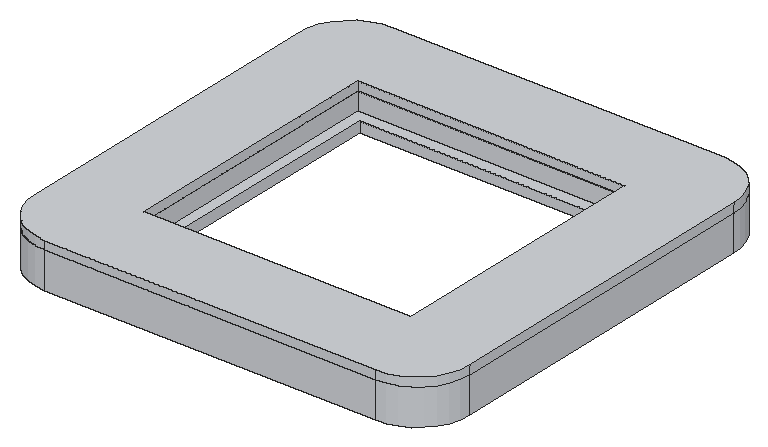
Revit family "Gira_0211410", category Electrical Fixtures, host Face, Revit 2017
Family settings
  Host = Face
  Maintain Annotation Orientation = No
  Round Connector Dimension = Use Diameter
  Part Type = Normal
  Cut with Voids When Loaded = No
  Shared = No
  Room Calculation Point = No
Parameters (values of type "Abdeckrahmen 1f Gira E3 Reinweiß/Reinweiß")
  Werkstoffgüte = "sonstige"
  Werkstoff = "sonstige"
  URL = "http://katalog.gira.de/de_DE/datenblatt.html?artikelnr=0211410"
  Transparent = "No"
  Textfeld/Beschriftungsfläche = "No"
  Schutzart (IP) = "IP20"
  Region = "DE"
  RAL-Nummer (ähnlich) = "9010 "
  Oberfläche = "sonstige"
  Name = "Abdeckrahmen 1f Gira E3 Reinweiß/Reinweiß"
  Montagerichtung = "horizontal und vertikal"
  Mit Montagerahmen = "No"
  Mit Klappdeckel = "No"
  Manufacturer URL = "https://www.gira.de/"
  Keynote = "E3_Rahmen_1fach"
  HeinzeBIM = "https://bimportal.heinze.de/bim/abdeckrahmen-1f-gira-e3-reinweiss-reinweiss/e4158de824f81871bbc9d30e0a2e9c24c80d6536"
  Halogenfrei = "Yes"
  HAN = "0211410"
  Geeignet für Unterputz-Installation = "Yes"
  Geeignet für Unterflurkanaldose = "No"
  Geeignet für Geräteeinbaukanal = "No"
  Geeignet für Einbauinstallation = "No"
  GTIN = "4010337023715"
  Farbe = "weiß"
  Default Elevation = 1219.2 mm
  Data sheet (1) = "https://katalog.gira.de/de_DE/download.html?artikelnr=0211410"
  Category = "Abdeckrahmen"
  Befestigungsart = "Klemmbefestigung"
  Available = "Yes"
  Ausführung der Oberfläche = "glänzend"
  Anzahl der Einheiten vertikal = "1 "
  Anzahl der Einheiten horizontal = "1 "
  Anzahl der Einheiten = "1 "
Reference planes
  plane 1 "Center (Front/Back)": y = 0
  plane 2: z = 0
  plane 3 "Center (Left/Right)": x = 0
Forms (mm)
  Extrusion 1, solid, detail levels fine
    sketch origin (0, 0, 0) x (1, 0, 0) y (0, 1, 0)
      loop
        arc (-34.8, 45.809) -> (-42.585, 42.585) -> (-45.809, 34.8) r 11.009
        line (-45.809, 34.8) -> (-45.809, -34.8)
        arc (-45.809, -34.8) -> (-42.585, -42.585) -> (-34.8, -45.809) r 11.009
        line (-34.8, -45.809) -> (34.8, -45.809)
        arc (34.8, -45.809) -> (42.585, -42.585) -> (45.809, -34.8) r 11.009
        line (45.809, -34.8) -> (45.809, 34.8)
        arc (45.809, 34.8) -> (42.585, 42.585) -> (34.8, 45.809) r 11.009
        line (34.8, 45.809) -> (-34.8, 45.809)
      loop
        line (28.187, 28.156) -> (-28.187, 28.156) -> (-28.187, -28.156) -> (28.187, -28.156) -> (28.187, 28.156)
    from 7.65 to 9.5
  Extrusion 2, solid, detail levels fine
    sketch origin (0, 0, 0) x (1, 0, 0) y (0, 1, 0)
      loop
        line (25.7, 25.7) -> (-25.7, 25.7) -> (-25.7, -25.7) -> (25.7, -25.7) -> (25.7, 25.7)
      loop
        line (-28.187, -28.156) -> (28.187, -28.156) -> (28.187, 28.156) -> (-28.187, 28.156) -> (-28.187, -28.156)
    from 1.65 to 3.9
  Extrusion 3, solid, detail levels fine
    sketch origin (0, 0, 0) x (1, 0, 0) y (0, 1, 0)
      loop
        arc (-34.8, 45.809) -> (-42.585, 42.585) -> (-45.809, 34.8) r 11.009
        line (-45.809, 34.8) -> (-45.809, -34.8)
        arc (-45.809, -34.8) -> (-42.585, -42.585) -> (-34.8, -45.809) r 11.009
        line (-34.8, -45.809) -> (34.8, -45.809)
        arc (34.8, -45.809) -> (42.585, -42.585) -> (45.809, -34.8) r 11.009
        line (45.809, -34.8) -> (45.809, 34.8)
        arc (45.809, 34.8) -> (42.585, 42.585) -> (34.8, 45.809) r 11.009
        line (34.8, 45.809) -> (-34.8, 45.809)
      loop
        line (-43.843, 34.785) -> (-43.843, -34.785)
        arc (-43.843, -34.785) -> (-41.19, -41.19) -> (-34.785, -43.843) r 9.058
        line (-34.785, -43.843) -> (34.785, -43.843)
        arc (34.785, -43.843) -> (41.19, -41.19) -> (43.843, -34.785) r 9.058
        line (43.843, -34.785) -> (43.843, 34.785)
        arc (43.843, 34.785) -> (41.19, 41.19) -> (34.785, 43.843) r 9.058
        line (34.785, 43.843) -> (-34.785, 43.843)
        arc (-34.785, 43.843) -> (-41.19, 41.19) -> (-43.843, 34.785) r 9.058
    from 0 to 7.65
  Extrusion 4, solid, detail levels fine
    sketch origin (0, 0, 0) x (1, 0, 0) y (0, 1, 0)
      loop
        line (-27.337, -31.075) -> (27.337, -31.075)
        arc (27.337, -31.075) -> (29.98, -29.98) -> (31.075, -27.337) r 3.739
        line (31.075, -27.337) -> (31.075, 27.337)
        arc (31.075, 27.337) -> (29.98, 29.98) -> (27.337, 31.075) r 3.739
        line (27.337, 31.075) -> (-27.337, 31.075)
        arc (-27.337, 31.075) -> (-29.98, 29.98) -> (-31.075, 27.337) r 3.739
        line (-31.075, 27.337) -> (-31.075, -27.337)
        arc (-31.075, -27.337) -> (-29.98, -29.98) -> (-27.337, -31.075) r 3.739
      loop
        line (-29.925, 27.537) -> (-29.925, -27.537)
        arc (-29.925, -27.537) -> (-29.226, -29.226) -> (-27.537, -29.925) r 2.389
        line (-27.537, -29.925) -> (27.537, -29.925)
        arc (27.537, -29.925) -> (29.226, -29.226) -> (29.925, -27.537) r 2.389
        line (29.925, -27.537) -> (29.925, 27.537)
        arc (29.925, 27.537) -> (29.226, 29.226) -> (27.537, 29.925) r 2.389
        line (27.537, 29.925) -> (-27.537, 29.925)
        arc (-27.537, 29.925) -> (-29.226, 29.226) -> (-29.925, 27.537) r 2.389
    from 1.65 to 7.65
  Extrusion 5, solid, detail levels fine
    sketch origin (0, 0, 0) x (1, 0, 0) y (0, 1, 0)
      loop
        line (-32.053, -39.8) -> (32.053, -39.8)
        arc (32.053, -39.8) -> (37.667, -36.708) -> (39.9, -30.7) r 9.2
        line (39.9, -30.7) -> (39.9, 30.7)
        arc (39.9, 30.7) -> (37.205, 37.205) -> (30.7, 39.9) r 9.2
        line (30.7, 39.9) -> (-30.7, 39.9)
        arc (-30.7, 39.9) -> (-37.205, 37.205) -> (-39.9, 30.7) r 9.2
        line (-39.9, 30.7) -> (-39.9, -30.7)
        arc (-39.9, -30.7) -> (-37.667, -36.708) -> (-32.053, -39.8) r 9.2
      loop
        line (-30.7, -31.7) -> (30.7, -31.7)
        arc (30.7, -31.7) -> (31.407, -31.407) -> (31.7, -30.7) r 1
        line (31.7, -30.7) -> (31.7, 30.7)
        arc (31.7, 30.7) -> (31.407, 31.407) -> (30.7, 31.7) r 1
        line (30.7, 31.7) -> (-30.7, 31.7)
        arc (-30.7, 31.7) -> (-31.407, 31.407) -> (-31.7, 30.7) r 1
        line (-31.7, 30.7) -> (-31.7, -30.7)
        arc (-31.7, -30.7) -> (-31.407, -31.407) -> (-30.7, -31.7) r 1
    from 1.65 to 3.9
  Extrusion 6, solid, detail levels fine
    sketch origin (0, 0, 0) x (1, 0, 0) y (0, 1, 0)
      loop
        line (-28.187, 28.156) -> (-28.187, -28.156) -> (28.187, -28.156) -> (28.187, 28.156) -> (-28.187, 28.156)
      loop
        line (-29.925, 29.925) -> (-29.925, -29.925) -> (29.925, -29.925) -> (29.925, 29.925) -> (-29.925, 29.925)
    from 1.65 to 7.65
  Extrusion 7, solid, detail levels coarse+medium
    sketch origin (0, 0, 0) x (1, 0, 0) y (0, 1, 0)
      loop
        line (-45.809, 45.809) -> (-45.809, -45.809) -> (45.809, -45.809) -> (45.809, 45.809) -> (-45.809, 45.809)
    from 0 to 9.5
Lines and regions (mm)
  reference lines
    curve 1: line (0, 45.809, 0) -> (0, -45.809, 0)
Dimensions and locks
  aligned and locked: plane 2 to host face
  aligned and locked: level to host face
